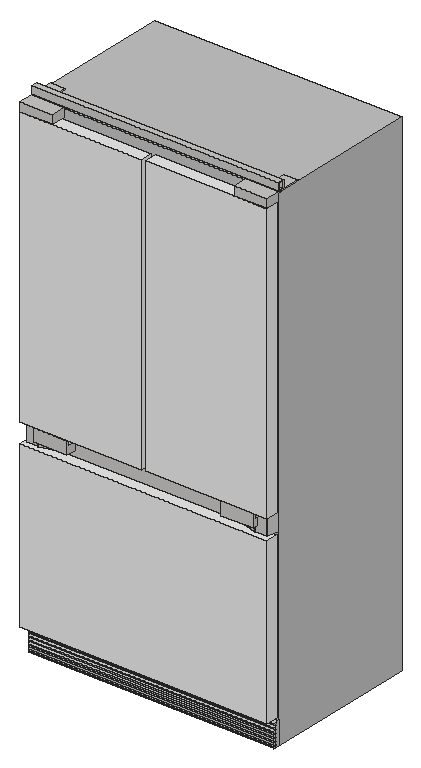
Revit family "FP_Revit_18_RS36A72J1_Fridge_90001165A", category Specialty Equipment, Revit 2018
Family settings
  Round Connector Dimension = Use Diameter
  Part Type = Normal
  OmniClass Number = 23.40.40.11.11.17
  OmniClass Title = Refrigerator-Freezer
  Work Plane-Based = No
  Always vertical = Yes
  Cut with Voids When Loaded = Yes
  Shared = No
  Room Calculation Point = No
Parameters
  Visibility - Visibility Control Note = yes
  Visibility - Clearance Required = yes
  URL = "www.fisherpaykel.com"
  Stainless Steel Door Panels (RD3672A) = no
  Product - Width = 906 mm  # constant formula
  Product - Height = 1825 mm  # constant formula
  Product - Depth = 604 mm  # constant formula
  Model = "RS36A72J1"
  Material - Trim = Fisher & Paykel - Stainless Steel
  Material - Rollers and Feet = Fisher & Paykel - Black
  Material - Door Structure = Fisher & Paykel - White
  Material - Door Front = Fisher & Paykel - Stainless Steel
  Material - Connections = Fisher & Paykel - Black
  Material - Body = Fisher & Paykel - Grey
  Manufacturer = "Fisher & Paykel Appliances"
  Handle Style - Professional Square (AHV2RS36A) = no
  Handle Style - Professional Round (AHCRS36A) = no
  Handle Style - Contemporary Square Fine Black (AHD5RD36AB) = no
  Handle Style - Contemporary Square Fine (AHD5RD36A) = no
  Handle Style - Contemporary Square (AHD3RS36A) = no
  Handle Style - Contemporary Round (25374 AHS-ASBI-A) = no
  Description = "36\" Integrated French Door Refrigerator Freezer"
  Connector Description - Electrical = "120 V, 10 A, fused electrical supply"
  Chassis - Width = 890 mm  # constant formula
  Chassis - Height = 1788 mm  # constant formula
  Chassis - Depth = 604 mm  # constant formula
  Cavity - Width = 914 mm  # constant formula
  Cavity - Height = 1829 mm  # constant formula
  Cavity - Depth = 650 mm  # constant formula
Reference planes
  plane 1 "Datum": y = 0
  plane 2: z = 0
  plane 3 "Center (Left/Right)": x = 0
  plane 4 "Product LHS": x = -453
  plane 5 "Product RHS": x = 453
  plane 6 "Product - Depth": y = 604
  plane 7 "Cavity LHS": x = -457
  plane 8 "Cavity RHS": x = 457
  plane 9 "Cavity - Depth": y = 631.957
  plane 10 "Product Height": z = 1825
  plane 11 "Cavity Height": z = 1829
  plane 12 "Door Panel 18mm": y = -18.043
Forms (mm)
  Extrusion 1, solid, material "Fisher & Paykel - Grey" <- "Material - Body"
    sketch origin (0, 0, 0) x (0, 1, 0) y (0, 0, 1)
      loop
        line (50.89, 6.6) -> (604, 6.6) -> (604, 1794.6) -> (50.89, 1794.6) -> (50.89, 6.6)
    from -445 to 445
  Extrusion 2, solid, material "Fisher & Paykel - Clearance Required", visible <- "Visibility - Clearance Required", detail levels coarse
    sketch origin (0, -18, 0) x (0, 1, 0) y (0, 0, 1)
      loop
        line (-0.043, 695.956) -> (-359.921, 695.956) -> (-359.921, 631.801) -> (-401.921, 631.801) -> (-401.921, 615.801) -> (-359.921, 615.801) -> (-359.921, 100.03) -> (-0.043, 100.03) -> (-0.043, 695.956)
    from -453 to 453
  Extrusion 3, solid, material "Fisher & Paykel - White" <- "Material - Door Structure"
    sketch origin (0, 0, 0) x (1, 0, 0) y (0, 0, 1)
      loop
        line (-7.74, 1764.6) -> (-445, 1764.6) -> (-445, 763.6) -> (-7.74, 763.6) -> (-7.74, 1764.6)
      loop
        line (7.74, 1764.6) -> (7.74, 763.6) -> (445, 763.6) -> (445, 1764.6) -> (7.74, 1764.6)
      loop
        line (-445, 693.1) -> (-445, 101.1) -> (445, 101.1) -> (445, 693.1) -> (-445, 693.1)
    from -42.6 to 0
  Extrusion 4, solid, material "Fisher & Paykel - White" <- "Material - Door Structure"
    sketch origin (0, 0, 0) x (1, 0, 0) y (0, 0, 1)
      loop
        line (-434.6, 685.2) -> (-434.6, 109) -> (434.6, 109) -> (434.6, 685.2) -> (-434.6, 685.2)
      loop
        line (-13.88, 776) -> (-13.88, 1749.7) -> (-434.58, 1749.7) -> (-434.58, 776) -> (-13.88, 776)
      loop
        line (13.88, 776) -> (434.58, 776) -> (434.58, 1749.7) -> (13.88, 1749.7) -> (13.88, 776)
    from -50.9 to -42.6
  Extrusion 5, solid, material "Fisher & Paykel - Stainless Steel" <- "Material - Trim"
    sketch origin (0, -2, 0) x (1, 0, 0) y (0, 1, 0)
      loop
        line (-441.5, 52.89) -> (-434.782, 18.328)
        arc (-434.782, 18.328) -> (-433.745, 16.585) -> (-431.837, 15.9) r 3
        line (-431.837, 15.9) -> (-393.733, 15.9)
        arc (-393.733, 15.9) -> (-391.738, 16.034) -> (-389.779, 16.431) r 15
        line (-389.779, 16.431) -> (-320.032, 35.491) -> (320.032, 35.491) -> (389.779, 16.431)
        arc (389.779, 16.431) -> (391.738, 16.034) -> (393.733, 15.9) r 15
        line (393.733, 15.9) -> (431.837, 15.9)
        arc (431.837, 15.9) -> (433.745, 16.585) -> (434.782, 18.328) r 3
        line (434.782, 18.328) -> (441.5, 52.89) -> (-441.5, 52.89)
    from 696.967 to 759.03
  Extrusion 6, solid, material "Fisher & Paykel - Stainless Steel" <- "Material - Trim"
    sketch origin (0, -2, 0) x (0, 1, 0) y (0, 0, 1)
      loop
        line (2, 762.6) -> (2, 715.3) -> (52.89, 715.3) -> (52.89, 743.6) -> (7, 743.6) -> (7, 762.6) -> (2, 762.6)
    from 276.67 to 395
  Extrusion 7, solid, material "Fisher & Paykel - Stainless Steel" <- "Material - Trim"
    sketch origin (0, -2, 0) x (0, 1, 0) y (0, 0, -1)
      loop
        line (2, -762.6) -> (7, -762.6) -> (7, -743.6) -> (52.89, -743.6) -> (52.89, -715.3) -> (2, -715.3) -> (2, -762.6)
    from 276.67 to 395
  Extrusion 8, solid, material "Fisher & Paykel - Stainless Steel" <- "Material - Trim"
    sketch origin (0, 0, 0) x (1, 0, 0) y (0, 1, 0)
      loop
        line (-327.17, 0) -> (-327.17, 50.89) -> (-445, 50.89) -> (-445, 0) -> (-327.17, 0)
      loop
        line (445, 0) -> (445, 50.89) -> (327.17, 50.89) -> (327.17, 0) -> (445, 0)
    from 1765.6 to 1797.6
  Extrusion 9, solid, material "Fisher & Paykel - Stainless Steel" <- "Material - Trim", detail levels fine
    sketch origin (0, 0, 0) x (1, 0, 0) y (0, 1, 0)
      loop
        line (-445, 136.61) -> (-445, 55.11) -> (-311.45, 55.11) -> (-311.45, 70.11) -> (-394, 70.11) -> (-394, 136.61) -> (-445, 136.61)
      loop
        line (445, 136.61) -> (394.85, 136.61) -> (394.85, 70.11) -> (311.45, 70.11) -> (311.45, 55.11) -> (445, 55.11) -> (445, 136.61)
    from 1794.6 to 1797.6
  Extrusion 10, solid, material "Fisher & Paykel - Stainless Steel" <- "Material - Trim"
    sketch origin (0, -2, 0) x (0, 1, 0) y (0, 0, 1)
      loop
        line (55.1, 1825) -> (55.1, 1797.6) -> (75.11, 1797.6) -> (75.11, 1825) -> (55.1, 1825)
      loop
        line (56.1, 1824) -> (56.1, 1798.675) -> (74.1, 1798.675) -> (74.1, 1824) -> (56.1, 1824)
    from -445 to 445
  Extrusion 11, solid, material "Fisher & Paykel - Stainless Steel" <- "Material - Trim", detail levels fine
    sketch origin (0, -20, 0) x (0, 1, 0) y (0, 0, 1)
      loop
        line (24.91, 101.1) -> (24.91, 94.1) -> (50.15, 94.1) -> (50.15, 101.1) -> (24.91, 101.1)
    from -20.67 to 20.7
  Extrusion 12, solid, material "Fisher & Paykel - Stainless Steel" <- "Material - Trim", detail levels fine
    sketch origin (0, -20, 0) x (0, 1, 0) y (0, 0, 1)
      loop
        line (70.89, 90.613) -> (53.491, 85.951) -> (53.491, 81.639) -> (61.43, 81.639) -> (61.43, 75.465) -> (53.491, 73.338) -> (53.491, 69.031) -> (61.43, 69.031) -> (61.43, 62.857) -> (53.491, 60.73) -> (53.491, 56.423) -> (61.43, 56.423) -> (61.43, 50.254) -> (53.491, 48.127) -> (53.491, 43.821) -> (61.43, 43.821) -> (61.43, 37.652) -> (53.491, 35.525) -> (53.491, 31.218) -> (61.43, 31.218) -> (61.43, 25.049) -> (53.491, 22.922) -> (53.491, 18.585) -> (61.43, 18.585) -> (61.43, 12.447) -> (53.491, 10.32) -> (53.491, 6.6) -> (70.89, 6.6) -> (70.89, 90.613)
    from -445 to 445
  Extrusion 13, solid, material "Fisher & Paykel - Stainless Steel" <- "Material - Trim", detail levels coarse+medium
    sketch origin (0, -20, 0) x (0, 1, 0) y (0, 0, 1)
      loop
        line (70.89, 90.613) -> (53.491, 85.951) -> (53.491, 6.6) -> (70.89, 6.6) -> (70.89, 90.613)
    from -445 to 445
  Extrusion 14, void
    sketch origin (0, -2000, 0) x (1, 0, 0) y (0, 1, 0)
      loop
        line (-386.5, 2604) -> (-386.5, 2050.89) -> (386.5, 2050.89) -> (386.5, 2604) -> (-386.5, 2604)
    from 6.6 to 56.423
  Extrusion 15, solid, material "Fisher & Paykel - Stainless Steel" <- "Material - Door Front", visible <- "Stainless Steel Door Panels (RD3672A)"
    sketch origin (0, 0, 0) x (1, 0, 0) y (0, 0, 1)
      loop
        line (-453, 696.43) -> (-453, 100.03) -> (453, 100.03) -> (453, 696.43) -> (-453, 696.43)
      loop
        line (-453, 700.43) -> (-2, 700.43) -> (-2, 1822.4) -> (-453, 1822.4) -> (-453, 700.43)
      loop
        line (2, 1822.4) -> (2, 700.43) -> (453, 700.43) -> (453, 1822.4) -> (2, 1822.4)
    from 0 to 18
  Extrusion 16, void
    sketch origin (0, -20, 0) x (1, 0, 0) y (0, 1, 0)
      loop
        arc (445, 57.948) -> (443.695, 54.796) -> (440.543, 53.491) r 4.457
        line (440.543, 53.491) -> (445, 53.491) -> (445, 57.948)
      loop
        line (-445, 57.948) -> (-445, 53.491) -> (-440.543, 53.491)
        arc (-440.543, 53.491) -> (-443.695, 54.796) -> (-445, 57.948) r 4.457
    from 6.6 to 100.03
  Extrusion 17, solid, material "Fisher & Paykel - Clearance Required", visible <- "Visibility - Clearance Required", detail levels coarse
    sketch origin (0, 0, 0) x (1, 0, 0) y (0, 1, 0)
      loop
        line (-457, 631.957) -> (-457, -18.043) -> (457, -18.043) -> (457, 631.957) -> (-457, 631.957)
    from 0 to 1829
  Extrusion 18, solid, material "Fisher & Paykel - Clearance Required", visible <- "Visibility - Clearance Required", detail levels coarse
    sketch origin (0, -18, 0) x (1, 0, 0) y (0, 1, 0)
      loop
        line (-453, -0.043) -> (-610.872, -338.602) -> (-647.125, -321.697) -> (-653.73, -335.861) -> (-617.477, -352.766) -> (-643.601, -408.788)
        arc (-643.601, -408.788) -> (-210.678, -380.413) -> (-2, -0.043) r 451
        line (-2, -0.043) -> (-453, -0.043)
      loop
        line (453, -0.043) -> (2, -0.043)
        arc (2, -0.043) -> (210.678, -380.413) -> (643.601, -408.788) r 451
        line (643.601, -408.788) -> (617.477, -352.766) -> (653.73, -335.861) -> (647.125, -321.697) -> (610.872, -338.602) -> (453, -0.043)
    from 700.43 to 1825
  Extrusion 19, void
    sketch origin (0, 0, 0) x (1, 0, 0) y (0, 0, 1)
      loop
        line (275, 69.031) -> (275, 200) -> (0, 200) -> (0, 69.031) -> (275, 69.031)
      loop
        circle (225, 135) r 3
      loop
        circle (50, 135) r 3
    from -604 to -600
  Extrusion 20, void
    sketch origin (0, 0, 0) x (1, 0, 0) y (0, 1, 0)
      loop
        line (-457, 631.957) -> (-457, -18.043) -> (457, -18.043) -> (457, 631.957) -> (-457, 631.957)
    from 0 to 1829
Cuts and joins
  Extrusion 14, Extrusion 19 cuts Extrusion 1
  Extrusion 16 cuts Extrusion 12
  Extrusion 16 cuts Extrusion 13
  joined: Extrusion 5, Extrusion 6, Extrusion 7
Lines and regions (mm)
  model lines, style "Fisher & Paykel"
    curve 1: line (-453, 0, 1822.4) -> (-2, 0, 1822.4)
    curve 2: line (-453, 0, 700.43) -> (-453, 0, 1822.4)
    curve 3: line (-2, 0, 700.43) -> (-453, 0, 700.43)
    curve 4: line (-2, 0, 1822.4) -> (-2, 0, 700.43)
    curve 5: line (2, 0, 700.43) -> (453, 0, 700.43)
    curve 6: line (2, 0, 1822.4) -> (2, 0, 700.43)
    curve 7: line (453, 0, 1822.4) -> (2, 0, 1822.4)
    curve 8: line (453, 0, 700.43) -> (453, 0, 1822.4)
    curve 9: line (-453, 0, 696.43) -> (453, 0, 696.43)
    curve 10: line (-453, 0, 100.03) -> (-453, 0, 696.43)
    curve 11: line (453, 0, 100.03) -> (-453, 0, 100.03)
    curve 12: line (453, 0, 696.43) -> (453, 0, 100.03)
Text (mm)
  text "Due to ongoing product development, product details are subject to change without notice. \nPlease always refer to www.fisherpaykel.com for the most current product information. \n© Fisher & Paykel 2020" at (41.04, -527.568, 0), in view "Ref. Level (Plan)"
Dimensions and locks
  equal spacing: plane 4 "Product LHS", plane 3 "Center (Left/Right)", plane 5 "Product RHS"
  "Product - Width": plane 4 "Product LHS" to plane 5 "Product RHS"
  equal spacing: plane 7 "Cavity LHS", plane 3 "Center (Left/Right)", plane 8 "Cavity RHS"
  "Cavity - Width": plane 7 "Cavity LHS" to plane 8 "Cavity RHS"
  "Product - Height": level to plane 10 "Product Height"
  "Cavity - Height": plane 11 "Cavity Height" to level
  "Chassis - Height": Extrusion 1 to Extrusion 1
  Extrusion 11 to Extrusion 13 = 94.5 mm
  equal spacing: cut or joined group of Extrusion 1, Extrusion 14, Extrusion 19, plane 3 "Center (Left/Right)", cut or joined group of Extrusion 1, Extrusion 14, Extrusion 19  (x2)
  "Chassis - Width": cut or joined group of Extrusion 1, Extrusion 14, Extrusion 19 to cut or joined group of Extrusion 1, Extrusion 14, Extrusion 19
  "Product - Depth": plane 6 "Product - Depth" to plane 1 "Datum"
  "Cavity - Depth": plane 9 "Cavity - Depth" to plane 12 "Door Panel 18mm"
  plane 12 "Door Panel 18mm" to plane 1 "Datum" = 18.043 mm
  aligned and locked: level to plane 2
  aligned and locked: cut or joined group of Extrusion 1, Extrusion 14, Extrusion 19 to Extrusion 12
  aligned and locked: cut or joined group of Extrusion 1, Extrusion 14, Extrusion 19 to Extrusion 13
  aligned and locked: Extrusion 13 to cut or joined group of Extrusion 1, Extrusion 14, Extrusion 19
  aligned and locked: Extrusion 12 to cut or joined group of Extrusion 1, Extrusion 14, Extrusion 19
  aligned and locked: Extrusion 10 to Extrusion 8
  aligned and locked: Extrusion 9 sketch curve to cut or joined group of Extrusion 1, Extrusion 14, Extrusion 19
  aligned and locked: Extrusion 3 sketch curve to cut or joined group of Extrusion 1, Extrusion 14, Extrusion 19  (x2)
  aligned and locked: Extrusion 3 sketch curve to Extrusion 3 sketch curve
  aligned and locked: cut or joined group of Extrusion 1, Extrusion 14, Extrusion 19 to Extrusion 3 sketch curve
  aligned and locked: Extrusion 16 sketch curve to cut or joined group of Extrusion 12, Extrusion 16
  aligned and locked: Extrusion 8 to Extrusion 16 sketch curve
  aligned and locked: Extrusion 16 sketch curve to Extrusion 8
  aligned and locked: Extrusion 1 to Extrusion 19
  aligned and locked: Extrusion 20 to plane 9 "Cavity - Depth"
  aligned and locked: Extrusion 17 to plane 9 "Cavity - Depth"
  aligned and locked: plane 6 "Product - Depth" to Extrusion 1
  aligned and locked: plane 6 "Product - Depth" to Extrusion 14
Automatic sketch dimensions
  Extrusion 1 sketch curve to plane 9 "Cavity - Depth" = 27.957 mm
  level to Extrusion 1 sketch curve = 6.6 mm
  plane 10 "Product Height" to Extrusion 1 sketch curve = 30.4 mm
  plane 1 "Datum" to Extrusion 2 sketch curve = 419.921 mm
  Extrusion 2 sketch curve to Extrusion 2 sketch curve = 42 mm
  level to Extrusion 2 sketch curve = 100.03 mm
  plane 1 "Datum" to Extrusion 2 sketch curve = 377.921 mm
  plane 1 "Datum" to Extrusion 2 sketch curve = 18.043 mm
  Extrusion 2 sketch curve to Extrusion 2 sketch curve = 515.771 mm
  Extrusion 2 sketch curve to Extrusion 2 sketch curve = 16 mm
  Extrusion 2 sketch curve to Extrusion 2 sketch curve = 64.155 mm
  Extrusion 3 sketch curve to plane 3 "Center (Left/Right)" = 7.74 mm
  plane 3 "Center (Left/Right)" to Extrusion 3 sketch curve = 7.74 mm
  level to Extrusion 3 sketch curve = 101.1 mm
  Extrusion 3 sketch curve to Extrusion 3 sketch curve = 592 mm
  Extrusion 3 sketch curve to Extrusion 3 sketch curve = 70.5 mm
  Extrusion 3 sketch curve to Extrusion 3 sketch curve = 0 mm
  plane 10 "Product Height" to Extrusion 3 sketch curve = 60.4 mm  (x2)
  Extrusion 4 sketch curve to plane 4 "Product LHS" = 18.4 mm
  Extrusion 4 sketch curve to plane 4 "Product LHS" = 18.42 mm
  Extrusion 4 sketch curve to plane 3 "Center (Left/Right)" = 13.88 mm
  plane 3 "Center (Left/Right)" to Extrusion 4 sketch curve = 13.88 mm
  plane 5 "Product RHS" to Extrusion 4 sketch curve = 18.42 mm
  plane 5 "Product RHS" to Extrusion 4 sketch curve = 18.4 mm
  level to Extrusion 4 sketch curve = 109 mm
  Extrusion 4 sketch curve to Extrusion 4 sketch curve = 576.2 mm
  Extrusion 4 sketch curve to Extrusion 4 sketch curve = 90.8 mm
  Extrusion 4 sketch curve to Extrusion 4 sketch curve = 0 mm  (x2)
  plane 10 "Product Height" to Extrusion 4 sketch curve = 75.3 mm
  Extrusion 5 sketch curve to plane 4 "Product LHS" = 11.5 mm
  Extrusion 5 sketch curve to plane 4 "Product LHS" = 18.218 mm
  Extrusion 5 sketch curve to Extrusion 5 sketch curve = 2.945 mm  (x2)
  Extrusion 5 sketch curve to Extrusion 5 sketch curve = 38.104 mm
  Extrusion 5 sketch curve to Extrusion 5 sketch curve = 3.954 mm  (x2)
  Extrusion 5 sketch curve to Extrusion 5 sketch curve = 69.747 mm
  plane 5 "Product RHS" to Extrusion 5 sketch curve = 132.968 mm
  plane 5 "Product RHS" to Extrusion 5 sketch curve = 63.221 mm
  plane 5 "Product RHS" to Extrusion 5 sketch curve = 21.163 mm
  plane 5 "Product RHS" to Extrusion 5 sketch curve = 11.5 mm
  Extrusion 5 sketch curve to plane 1 "Datum" = 13.9 mm  (x2)
  Extrusion 5 sketch curve to Extrusion 5 sketch curve = 2.428 mm  (x2)
  Extrusion 5 sketch curve to Extrusion 5 sketch curve = 34.562 mm
  Extrusion 6 sketch curve to Extrusion 6 sketch curve = 5 mm
  Extrusion 6 sketch curve to Extrusion 6 sketch curve = 50.89 mm
  level to Extrusion 6 sketch curve = 715.3 mm
  Extrusion 6 sketch curve to Extrusion 6 sketch curve = 28.3 mm
  Extrusion 6 sketch curve to Extrusion 6 sketch curve = 19 mm
  Extrusion 7 sketch curve to Extrusion 7 sketch curve = 5 mm
  Extrusion 7 sketch curve to Extrusion 7 sketch curve = 50.89 mm
  level to Extrusion 7 sketch curve = 762.6 mm
  Extrusion 7 sketch curve to Extrusion 7 sketch curve = 19 mm
  Extrusion 7 sketch curve to Extrusion 7 sketch curve = 28.3 mm
  Extrusion 8 sketch curve to plane 4 "Product LHS" = 8 mm
  Extrusion 8 sketch curve to Extrusion 8 sketch curve = 117.83 mm
  plane 5 "Product RHS" to Extrusion 8 sketch curve = 125.83 mm
  plane 5 "Product RHS" to Extrusion 8 sketch curve = 8 mm
  Extrusion 9 sketch curve to Extrusion 9 sketch curve = 51 mm
  Extrusion 9 sketch curve to Extrusion 9 sketch curve = 82.55 mm
  plane 5 "Product RHS" to Extrusion 9 sketch curve = 141.55 mm
  plane 5 "Product RHS" to Extrusion 9 sketch curve = 58.15 mm
  plane 5 "Product RHS" to Extrusion 9 sketch curve = 8 mm
  Extrusion 9 sketch curve to Extrusion 9 sketch curve = 15 mm  (x2)
  Extrusion 9 sketch curve to Extrusion 9 sketch curve = 66.5 mm  (x2)
  plane 10 "Product Height" to Extrusion 10 sketch curve = 0 mm
  Extrusion 10 sketch curve to Extrusion 10 sketch curve = 1 mm
  plane 10 "Product Height" to Extrusion 10 sketch curve = 1 mm
  Extrusion 10 sketch curve to Extrusion 10 sketch curve = 18 mm
  Extrusion 10 sketch curve to Extrusion 10 sketch curve = 1.01 mm
  Extrusion 10 sketch curve to Extrusion 10 sketch curve = 25.325 mm
  Extrusion 10 sketch curve to Extrusion 10 sketch curve = 1.075 mm
  Extrusion 11 sketch curve to Extrusion 11 sketch curve = 25.24 mm
  level to Extrusion 11 sketch curve = 94.1 mm
  Extrusion 11 sketch curve to Extrusion 11 sketch curve = 7 mm
  level to Extrusion 12 sketch curve = 6.6 mm
  Extrusion 12 sketch curve to Extrusion 12 sketch curve = 0 mm  (x8)
  Extrusion 12 sketch curve to Extrusion 12 sketch curve = 7.939 mm  (x3)
  Extrusion 12 sketch curve to Extrusion 12 sketch curve = 9.46 mm
  Extrusion 12 sketch curve to Extrusion 12 sketch curve = 3.72 mm
  Extrusion 12 sketch curve to Extrusion 12 sketch curve = 2.127 mm
  Extrusion 12 sketch curve to Extrusion 12 sketch curve = 8.266 mm
  Extrusion 12 sketch curve to Extrusion 12 sketch curve = 4.337 mm
  Extrusion 12 sketch curve to Extrusion 12 sketch curve = 6.464 mm
  Extrusion 12 sketch curve to Extrusion 12 sketch curve = 6.169 mm  (x3)
  Extrusion 12 sketch curve to Extrusion 12 sketch curve = 4.306 mm  (x4)
  Extrusion 12 sketch curve to Extrusion 12 sketch curve = 6.433 mm  (x4)
  Extrusion 12 sketch curve to Extrusion 12 sketch curve = 6.175 mm  (x2)
  Extrusion 12 sketch curve to Extrusion 12 sketch curve = 4.312 mm
  Extrusion 12 sketch curve to Extrusion 12 sketch curve = 8.974 mm
  level to Extrusion 13 sketch curve = 6.6 mm
  Extrusion 13 sketch curve to Extrusion 13 sketch curve = 17.399 mm
  Extrusion 13 sketch curve to Extrusion 13 sketch curve = 79.351 mm
  Extrusion 13 sketch curve to Extrusion 13 sketch curve = 4.662 mm
  Extrusion 14 sketch curve to plane 9 "Cavity - Depth" = 27.957 mm
  Extrusion 14 sketch curve to plane 4 "Product LHS" = 66.5 mm
  plane 5 "Product RHS" to Extrusion 14 sketch curve = 66.5 mm
  plane 4 "Product LHS" to Extrusion 15 sketch curve = 0 mm  (x2)
  plane 5 "Product RHS" to Extrusion 15 sketch curve = 0 mm  (x2)
  Extrusion 15 sketch curve to plane 3 "Center (Left/Right)" = 2 mm
  plane 3 "Center (Left/Right)" to Extrusion 15 sketch curve = 2 mm
  level to Extrusion 15 sketch curve = 100.03 mm
  Extrusion 15 sketch curve to Extrusion 15 sketch curve = 596.4 mm
  Extrusion 15 sketch curve to Extrusion 15 sketch curve = 4 mm
  Extrusion 15 sketch curve to Extrusion 15 sketch curve = 0 mm
  plane 10 "Product Height" to Extrusion 15 sketch curve = 2.6 mm  (x2)
  Extrusion 16 sketch curve to Extrusion 16 sketch curve = 4.457 mm  (x2)
  Extrusion 17 sketch curve to plane 7 "Cavity LHS" = 0 mm
  Extrusion 17 sketch curve to plane 8 "Cavity RHS" = 0 mm
  plane 6 "Product - Depth" to Extrusion 17 sketch curve = 27.957 mm
  Extrusion 18 sketch curve to plane 4 "Product LHS" = 0 mm  (x2)
  Extrusion 18 sketch curve to plane 5 "Product RHS" = 0 mm  (x2)
  plane 7 "Cavity LHS" to Extrusion 18 sketch curve = 153.872 mm
  Extrusion 18 sketch curve to Extrusion 18 sketch curve = 6.605 mm  (x3)
  Extrusion 18 sketch curve to Extrusion 18 sketch curve = 26.124 mm
  Extrusion 18 sketch curve to Extrusion 18 sketch curve = 36.252 mm  (x2)
  plane 1 "Datum" to Extrusion 18 sketch curve = 18.043 mm  (x2)
  Extrusion 18 sketch curve to plane 3 "Center (Left/Right)" = 2 mm
  plane 3 "Center (Left/Right)" to Extrusion 18 sketch curve = 2 mm
  Extrusion 18 sketch curve to plane 8 "Cavity RHS" = 153.872 mm
  plane 1 "Datum" to Extrusion 18 sketch curve = 426.788 mm
  plane 1 "Datum" to Extrusion 18 sketch curve = 353.861 mm
  Extrusion 19 sketch curve to plane 3 "Center (Left/Right)" = 0 mm
  plane 3 "Center (Left/Right)" to Extrusion 19 sketch curve = 50 mm
  Extrusion 19 sketch curve to Extrusion 19 sketch curve = 175 mm
  Extrusion 19 sketch curve to Extrusion 19 sketch curve = 50 mm
  level to Extrusion 19 sketch curve = 69.031 mm
  Extrusion 19 sketch curve to Extrusion 19 sketch curve = 65.969 mm  (x2)
  Extrusion 19 sketch curve to Extrusion 19 sketch curve = 65 mm
  Extrusion 20 sketch curve to plane 7 "Cavity LHS" = 0 mm
  Extrusion 20 sketch curve to plane 8 "Cavity RHS" = 0 mm
  plane 6 "Product - Depth" to Extrusion 20 sketch curve = 27.957 mm
  Extrusion 1 sketch curve to plane 1 "Datum" = 50.89 mm
  Extrusion 5 sketch curve to Extrusion 5 sketch curve = 0.531 mm  (x2)
  Extrusion 5 sketch curve to plane 1 "Datum" = 33.491 mm
  Extrusion 6 sketch curve to plane 1 "Datum" = 0 mm
  Extrusion 7 sketch curve to plane 1 "Datum" = 0 mm
  plane 1 "Datum" to Extrusion 8 sketch curve = 0 mm  (x2)
  Extrusion 8 sketch curve to plane 1 "Datum" = 50.89 mm  (x2)
  Extrusion 9 sketch curve to plane 1 "Datum" = 55.11 mm  (x2)
  Extrusion 10 sketch curve to plane 1 "Datum" = 53.1 mm
  Extrusion 11 sketch curve to plane 1 "Datum" = 4.91 mm
  Extrusion 12 sketch curve to plane 1 "Datum" = 33.491 mm
  Extrusion 12 sketch curve to Extrusion 12 sketch curve = 17.399 mm
  Extrusion 13 sketch curve to plane 1 "Datum" = 33.491 mm
  Extrusion 14 sketch curve to plane 1 "Datum" = 50.89 mm
  Extrusion 16 sketch curve to plane 1 "Datum" = 33.491 mm
  plane 1 "Datum" to Extrusion 17 sketch curve = 18.043 mm
  plane 1 "Datum" to Extrusion 20 sketch curve = 18.043 mm
  plane 4 "Product LHS" to curve 1 = 0 mm
  plane 4 "Product LHS" to curve 10 = 0 mm
  plane 5 "Product RHS" to curve 9 = 0 mm
  plane 5 "Product RHS" to curve 7 = 0 mm
  curve 1 to plane 3 "Center (Left/Right)" = 2 mm
  plane 3 "Center (Left/Right)" to curve 7 = 2 mm
  level to curve 11 = 100.03 mm
  curve 10 to curve 10 = 596.4 mm
  curve 9 to curve 5 = 4 mm
  curve 9 to curve 2 = 4 mm
  plane 10 "Product Height" to curve 7 = 2.6 mm
  plane 10 "Product Height" to curve 2 = 2.6 mm
  radius of Extrusion 19 sketch curve = 3 mm  (x2)
Nested families
  nested 1: "F&P Handle Kit - Contemporary Square - Horizontal" at (0, -18, 623.802), visible <- "Handle Style - Contemporary Square (AHD3RS36A)", type "RS36A - Contemporary square handle (2 of 2) (Horizontal) 746mm"
  nested 2: "F&P Handle Kit - Contemporary Square - Vertical" at (67.3, -18, 1128.5), visible <- "Handle Style - Contemporary Square (AHD3RS36A)", type "RS36A - Contemporary square handle (1 of 2) (Vertical) 727mm"
  nested 3: "F&P Handle Kit - Contemporary Square - Vertical" at (-67.3, -18, 1128.5), visible <- "Handle Style - Contemporary Square (AHD3RS36A)", type "RS36A - Contemporary square handle (1 of 2) (Vertical) 727mm"
  nested 4: "Comment Marker 2D" at (0, 0, 0), visible <- "Visibility - Visibility Control Note", type "Active"
  nested 5: "F&P Handle Kit - Contemporary Round - Horizontal" at (0, -18.043, 623.78), visible <- "Handle Style - Contemporary Round (25374 AHS-ASBI-A)", type "25374 AHS-ASBI-A - Contemporary round handle (2 of 2) (Horizontal) 746mm"
  nested 6: "F&P Handle Kit - Contemporary Round - Vertical" at (-67.3, -18.043, 1128.5), visible <- "Handle Style - Contemporary Round (25374 AHS-ASBI-A)", type "25374 AHS-ASBI-A - Contemporary round handle (1 of 2) (Vertical) 727mm"
  nested 7: "F&P Handle Kit - Contemporary Square Fine - Horizontal" at (0, -18.043, 623.78), visible <- "Handle Style - Contemporary Square Fine (AHD5RD36A)", type "AHD5RD36A - Contemporary square fine handle (2 of 2) (Horizontal) 746mm"
  nested 8: "F&P Handle Kit - Contemporary Square Fine - Horizontal" at (0, -18.043, 623.78), visible <- "Handle Style - Contemporary Square Fine Black (AHD5RD36AB)", type "AHD5RD36AB - Contemporary square fine black handle (2 of 2) (Horizontal) 746mm"
  nested 9: "F&P Handle Kit - Contemporary Square Fine - Vertical" at (-67.3, -18.043, 1128.5), visible <- "Handle Style - Contemporary Square Fine (AHD5RD36A)", type "AHD5RD36A - Contemporary square fine handle (1 of 2) (Vertical) 727mm"
  nested 10: "F&P Handle Kit - Contemporary Square Fine - Vertical" at (-67.3, -18.043, 1128.5), visible <- "Handle Style - Contemporary Square Fine Black (AHD5RD36AB)", type "AHD5RD36AB - Contemporary square fine black handle (1 of 2) (Vertical) 727mm"
  nested 11: "F&P Handle Kit - Professional Round - Horizontal" at (0, -18.043, 623.78), visible <- "Handle Style - Professional Round (AHCRS36A)", type "AHCRS36A - Professional round handle (2 of 2) (Horizontal) 746mm"
  nested 12: "F&P Handle Kit - Professional Round - Vertical" at (-67.3, -18.043, 1128.5), visible <- "Handle Style - Professional Round (AHCRS36A)", type "AHCRS36A - Professional round handle (1 of 2) (Vertical) 661mm"
  nested 13: "F&P Handle Kit - Professional Square - Horizontal" at (0, -18.043, 623.78), visible <- "Handle Style - Professional Square (AHV2RS36A)", type "AHV2RS36A - Professional square handle (2 of 2) (Horizontal) 686mm"
  nested 14: "F&P Handle Kit - Professional Square - Vertical" at (-67.3, -18.043, 1128.5), visible <- "Handle Style - Professional Square (AHV2RS36A)", type "AHV2RS36A - Professional square handle (1 of 2) (Vertical) 727mm"
  nested 15: "F&P Handle Kit - Contemporary Round - Vertical" at (67.3, -18.043, 1128.5), visible <- "Handle Style - Contemporary Round (25374 AHS-ASBI-A)", type "25374 AHS-ASBI-A - Contemporary round handle (1 of 2) (Vertical) 727mm"
  nested 16: "F&P Handle Kit - Contemporary Square Fine - Vertical" at (67.3, -18.043, 1128.5), visible <- "Handle Style - Contemporary Square Fine (AHD5RD36A)", type "AHD5RD36A - Contemporary square fine handle (1 of 2) (Vertical) 727mm"
  nested 17: "F&P Handle Kit - Contemporary Square Fine - Vertical" at (67.3, -18.043, 1128.5), visible <- "Handle Style - Contemporary Square Fine Black (AHD5RD36AB)", type "AHD5RD36AB - Contemporary square fine black handle (1 of 2) (Vertical) 727mm"
  nested 18: "F&P Handle Kit - Professional Round - Vertical" at (67.3, -18.043, 1128.5), visible <- "Handle Style - Professional Round (AHCRS36A)", type "AHCRS36A - Professional round handle (1 of 2) (Vertical) 661mm"
  nested 19: "F&P Handle Kit - Professional Square - Vertical" at (67.3, -18.043, 1128.5), visible <- "Handle Style - Professional Square (AHV2RS36A)", type "AHV2RS36A - Professional square handle (1 of 2) (Vertical) 727mm"
Connectors
  electrical at (50, 600, 135), driven by "Connector Description - Electrical"
    settings: on cut or joined group of Extrusion 1, Extrusion 14, Extrusion 19, index 1, voltage 120 V, apparent load 0 VA, apparent load phase1 0 VA, apparent load phase2 0 VA, apparent load phase3 0 VA, power factor 1, load classification "Other", number of poles 1, system type 30, power factor state 1, is connector primary yes, connector utility no, sub classification motor no, connector description "120 V, 10 A, fused electrical supply"
Definition of nested family "F&P Handle Kit - Contemporary Square - Horizontal"
  Parameters (values of type "RS90A - Contemporary square handle (2 of 2) (Horizontal) 746mm")
    URL = "www.fisherpaykel.com"
    Material - Handle = none
    Manufacturer = "Fisher & Paykel Appliances"
    Handle - Length = 746 mm
  Types (9, lengths in mm): name | Handle - Length
    (no name) | 746
    AHD3RD2484W - Contemporary square handle (2 of 2) (Horizontal) 494mm | 494
    AHD3RD3084W - Contemporary square handle (2 of 2) (Horizontal) 646mm | 646
    AHD3RS3272A - Contemporary square handle (2 of 2) (Horizontal) 646mm | 646
    AHD3RS80A - Contemporary square handle (2 of 2) (Horizontal) 646mm | 646
    AHD3RD6121W - Contemporary square handle (2 of 2) (Horizontal) 494mm | 494
    AHD3RD7621W - Contemporary square handle (2 of 2) (Horizontal) 646mm | 646
    RS36A - Contemporary square handle (2 of 2) (Horizontal) 746mm | 746
    RS90A - Contemporary square handle (2 of 2) (Horizontal) 746mm | 746
  Reference planes
    plane 1 "Center (Front/Back)": y = 0
    plane 2: z = 0
    plane 3 "Center (Left/Right)": x = 0
    plane 4 "Product LHS": x = -373
    plane 5 "Product RHS": x = 373
    plane 6 "LHS Standoff": x = -252.995
    plane 7 "RHS Standoff": x = 253.005
  Forms (mm)
    Extrusion 1, solid, material <- "Material - Handle", detail levels fine
      sketch origin (0, 0, 0) x (0, 1, 0) y (0, 0, 1)
        loop
          arc (-28.701, 7.561) -> (-29.057, 7.868) -> (-29.514, 7.978) r 1
          line (-29.514, 7.978) -> (-40.5, 7.978)
          arc (-40.5, 7.978) -> (-41.561, 7.539) -> (-42, 6.478) r 1.5
          line (-42, 6.478) -> (-42, -6.522)
          arc (-42, -6.522) -> (-41.561, -7.583) -> (-40.5, -8.022) r 1.5
          line (-40.5, -8.022) -> (-29.487, -8.022)
          arc (-29.487, -8.022) -> (-29.029, -7.911) -> (-28.673, -7.602) r 1
          arc (-28.673, -7.602) -> (-26.256, -0.016) -> (-28.701, 7.561) r 13.038
      from -373 to 373
    Extrusion 2, solid, material <- "Material - Handle", detail levels fine
      sketch origin (0, 0, 0) x (0, 1, 0) y (0, 0, 1)
        loop
          arc (-28.23, 7.062) -> (-26.156, 0.008) -> (-28.198, -7.056) r 13.136
          arc (-28.198, -7.056) -> (-28.21, -7.463) -> (-27.86, -7.67) r 0.4
          line (-27.86, -7.67) -> (0, -7.67) -> (0, 7.678) -> (-27.893, 7.678)
          arc (-27.893, 7.678) -> (-28.244, 7.47) -> (-28.23, 7.062) r 0.4
      from 253.005 to 373
    Extrusion 3, solid, material <- "Material - Handle", detail levels fine
      sketch origin (0, 0, 0) x (0, 1, 0) y (0, 0, -1)
        loop
          arc (-28.23, -7.062) -> (-28.244, -7.47) -> (-27.893, -7.678) r 0.4
          line (-27.893, -7.678) -> (0, -7.678) -> (0, 7.67) -> (-27.86, 7.67)
          arc (-27.86, 7.67) -> (-28.21, 7.463) -> (-28.198, 7.056) r 0.4
          arc (-28.198, 7.056) -> (-26.156, -0.008) -> (-28.23, -7.062) r 13.136
      from 252.995 to 373
    Sweep 4, void
      path in 3D
        loop
          line (373, -29.514, 7.978) -> (373, -40.5, 7.978)
          arc (373, -40.5, 7.978) -> (373, -41.561, 7.539) -> (373, -42, 6.478) r 1.5
          line (373, -42, 6.478) -> (373, -42, -6.522)
          arc (373, -42, -6.522) -> (373, -41.561, -7.583) -> (373, -40.5, -8.022) r 1.5
          line (373, -40.5, -8.022) -> (373, -29.487, -8.022)
      profile origin (373, -35.007, 7.978) x (1, 0, 0) y (0, 0, 1)
        loop
          line (0, 0) -> (-1.3, 0) -> (0, -1.3) -> (0, 0)
    Sweep 5, void
      path in 3D
        loop
          line (-373, -29.487, -8.022) -> (-373, -40.5, -8.022)
          arc (-373, -40.5, -8.022) -> (-373, -41.561, -7.583) -> (-373, -42, -6.522) r 1.5
          line (-373, -42, -6.522) -> (-373, -42, 6.478)
          arc (-373, -42, 6.478) -> (-373, -41.561, 7.539) -> (-373, -40.5, 7.978) r 1.5
          line (-373, -40.5, 7.978) -> (-373, -29.514, 7.978)
      profile origin (-373, -35.007, 7.978) x (-1, 0, 0) y (0, 0, 1)
        loop
          line (0, 0) -> (-1.3, 0) -> (0, -1.3) -> (0, 0)
    Extrusion 6, void
      sketch origin (0, 0, 0) x (1, 0, 0) y (0, 0, 1)
        loop
          line (373, 7.978) -> (371.7, 7.978) -> (373, 6.678) -> (373, 7.978)
        loop
          line (373, -8.022) -> (373, -6.722) -> (371.7, -8.022) -> (373, -8.022)
      from 0 to 40
    Extrusion 7, void
      sketch origin (0, 0, 0) x (1, 0, 0) y (0, 0, 1)
        loop
          line (-373, 7.978) -> (-373, 6.678) -> (-371.7, 7.978) -> (-373, 7.978)
        loop
          line (-373, -8.022) -> (-371.7, -8.022) -> (-373, -6.722) -> (-373, -8.022)
      from 0 to 40
    Extrusion 8, solid, material <- "Material - Handle", detail levels coarse+medium
      sketch origin (0, 0, 0) x (1, 0, 0) y (0, 1, 0)
        loop
          line (-373, -42) -> (373, -42) -> (373, 0) -> (253.005, 0) -> (253.005, -26.156) -> (-252.995, -26.156) -> (-252.995, 0) -> (-373, 0) -> (-373, -42)
      from -8.022 to 7.978
  Cuts and joins
    Sweep 4, Sweep 5, Extrusion 6, Extrusion 7 cuts Extrusion 1
    Extrusion 6 cuts Extrusion 2
    Extrusion 7 cuts Extrusion 3
  Lines and regions (mm)
    sketch lines
      curve 1: line (373, -29.514, 7.978) -> (373, -40.5, 7.978)
      curve 2: arc (373, -42, 6.478) -> (373, -41.561, 7.539) -> (373, -40.5, 7.978) r 1.5
      curve 3: line (373, -42, 6.478) -> (373, -42, -6.522)
      curve 4: arc (373, -40.5, -8.022) -> (373, -41.561, -7.583) -> (373, -42, -6.522) r 1.5
      curve 5: line (373, -40.5, -8.022) -> (373, -29.487, -8.022)
      curve 6: line (-373, -40.5, 7.978) -> (-373, -29.514, 7.978)
      curve 7: arc (-373, -40.5, 7.978) -> (-373, -41.561, 7.539) -> (-373, -42, 6.478) r 1.5
      curve 8: line (-373, -42, -6.522) -> (-373, -42, 6.478)
      curve 9: arc (-373, -42, -6.522) -> (-373, -41.561, -7.583) -> (-373, -40.5, -8.022) r 1.5
      curve 10: line (-373, -29.487, -8.022) -> (-373, -40.5, -8.022)
  Dimensions and locks
    equal spacing: plane 4 "Product LHS", plane 3 "Center (Left/Right)", plane 5 "Product RHS"
    "Handle - Length": plane 4 "Product LHS" to plane 5 "Product RHS"
    locked: plane 4 "Product LHS" to plane 6 "LHS Standoff" at 120.005
    locked: plane 7 "RHS Standoff" to plane 5 "Product RHS" at 119.995
    aligned and locked: level to plane 2
    aligned and locked: Extrusion 1 to plane 5 "Product RHS"
    aligned and locked: plane 4 "Product LHS" to Extrusion 1
    aligned and locked: Extrusion 2 to plane 5 "Product RHS"
    aligned and locked: plane 4 "Product LHS" to Extrusion 3
    aligned and locked: plane 4 "Product LHS" to Extrusion 8 sketch curve
    aligned and locked: Extrusion 8 sketch curve to plane 5 "Product RHS"
    aligned and locked: Extrusion 8 sketch curve to plane 7 "RHS Standoff"
    aligned and locked: plane 6 "LHS Standoff" to Extrusion 8 sketch curve
    aligned and locked: Extrusion 2 to plane 7 "RHS Standoff"
    aligned and locked: plane 6 "LHS Standoff" to Extrusion 3
  Automatic sketch dimensions
    Extrusion 1 sketch curve to level = 6.522 mm
    plane 1 "Center (Front/Back)" to Extrusion 1 sketch curve = 42 mm
    Extrusion 1 sketch curve to Extrusion 1 sketch curve = 1.5 mm  (x2)
    Extrusion 1 sketch curve to level = 0.04 mm
    Extrusion 1 sketch curve to Extrusion 1 sketch curve = 1.206 mm
    level to Extrusion 1 sketch curve = 6.978 mm
    Extrusion 1 sketch curve to Extrusion 1 sketch curve = 10.986 mm
    Extrusion 1 sketch curve to Extrusion 1 sketch curve = 11.013 mm
    Extrusion 1 sketch curve to Extrusion 1 sketch curve = 1 mm
    level to Extrusion 1 sketch curve = 6.478 mm
    Extrusion 1 sketch curve to Extrusion 1 sketch curve = 0 mm
    Extrusion 2 sketch curve to plane 1 "Center (Front/Back)" = 0 mm
    Extrusion 2 sketch curve to level = 7.67 mm
    Extrusion 2 sketch curve to Extrusion 2 sketch curve = 27.86 mm
    level to Extrusion 2 sketch curve = 7.678 mm
    Extrusion 2 sketch curve to Extrusion 2 sketch curve = 0.033 mm
    Extrusion 2 sketch curve to level = 0.022 mm
    Extrusion 2 sketch curve to Extrusion 2 sketch curve = 11.398 mm
    Extrusion 2 sketch curve to Extrusion 2 sketch curve = 0.4 mm  (x2)
    Extrusion 2 sketch curve to Extrusion 2 sketch curve = 0 mm
    Extrusion 3 sketch curve to plane 1 "Center (Front/Back)" = 0 mm
    Extrusion 3 sketch curve to level = 7.67 mm
    Extrusion 3 sketch curve to Extrusion 3 sketch curve = 27.86 mm
    level to Extrusion 3 sketch curve = 7.678 mm
    Extrusion 3 sketch curve to Extrusion 3 sketch curve = 0.033 mm
    Extrusion 3 sketch curve to level = 0.022 mm
    Extrusion 3 sketch curve to Extrusion 3 sketch curve = 11.398 mm
    Extrusion 3 sketch curve to Extrusion 3 sketch curve = 0.4 mm  (x2)
    Extrusion 3 sketch curve to Extrusion 3 sketch curve = 0 mm
    profile plane to Sweep 4 sketch curve = 0 mm
    Sweep 4 sketch curve to profile plane = 0 mm
    Sweep 4 sketch curve to profile plane = 1.3 mm
    profile plane to Sweep 4 sketch curve = 1.3 mm
    Sweep 5 sketch curve to profile plane = 0 mm  (x2)
    profile plane to Sweep 5 sketch curve = 1.3 mm
    Sweep 5 sketch curve to profile plane = 1.3 mm
    plane 5 "Product RHS" to Extrusion 6 sketch curve = 0 mm  (x2)
    Extrusion 6 sketch curve to Extrusion 6 sketch curve = 1.3 mm  (x4)
    Extrusion 6 sketch curve to level = 6.722 mm
    level to Extrusion 6 sketch curve = 6.678 mm
    plane 4 "Product LHS" to Extrusion 7 sketch curve = 0 mm  (x2)
    Extrusion 7 sketch curve to plane 4 "Product LHS" = 1.3 mm  (x2)
    Extrusion 7 sketch curve to level = 8.022 mm
    level to Extrusion 7 sketch curve = 6.678 mm
    Extrusion 7 sketch curve to Extrusion 7 sketch curve = 1.3 mm  (x2)
    plane 1 "Center (Front/Back)" to Extrusion 8 sketch curve = 0 mm  (x2)
    Extrusion 8 sketch curve to Extrusion 8 sketch curve = 26.156 mm
    Extrusion 8 sketch curve to Extrusion 8 sketch curve = 42 mm
Definition of nested family "F&P Handle Kit - Contemporary Square - Vertical"
  Parameters (values of type "RS90A - Contemporary square handle (1 of 2) (Vertical) 727mm")
    URL = "www.fisherpaykel.com"
    Material - Handle = none
    Manufacturer = "Fisher & Paykel Appliances"
    Handle - Length = 727 mm
  Types (11, lengths in mm): name | Handle - Length
    (no name) | 727
    AHD3-RD21 - Contemporary square handle (Vertical) 852mm | 852
    AHD3RD2484W - Contemporary square handle (1 of 2) (Vertical) 727mm | 727
    AHD3RD3084W - Contemporary square handle (1 of 2) (Vertical) 727mm | 727
    AHD3-RD84 - Contemporary square handle (Vertical) 852mm | 852
    AHD3RS3272A - Contemporary square handle (1 of 2) (Vertical) 727mm | 727
    AHD3RS80A - Contemporary square handle (1 of 2) (Vertical) 727mm | 727
    AHD3RD6121W - Contemporary square handle (1 of 2) (Vertical) 727mm | 727
    AHD3RD7621W - Contemporary square handle (1 of 2) (Vertical) 727mm | 727
    RS36A - Contemporary square handle (1 of 2) (Vertical) 727mm | 727
    RS90A - Contemporary square handle (1 of 2) (Vertical) 727mm | 727
  Reference planes
    plane 1 "Center (Front/Back)": y = 0
    plane 2: z = 0
    plane 3 "Center (Left/Right)": x = 0
    plane 4 "Top": z = 363.5
    plane 5 "Bottom": z = -363.5
    plane 6 "Top Standoff": z = 243.5
    plane 7 "Bottom Standoff": z = -243.5
  Forms (mm)
    Extrusion 1, solid, material <- "Material - Handle", detail levels fine
      sketch origin (0, 0, 0) x (1, 0, 0) y (0, 1, 0)
        loop
          arc (-7.583, -28.701) -> (-7.89, -29.057) -> (-8, -29.514) r 1
          line (-8, -29.514) -> (-8, -40.5)
          arc (-8, -40.5) -> (-7.561, -41.561) -> (-6.5, -42) r 1.5
          line (-6.5, -42) -> (6.5, -42)
          arc (6.5, -42) -> (7.561, -41.561) -> (8, -40.5) r 1.5
          line (8, -40.5) -> (8, -29.487)
          arc (8, -29.487) -> (7.889, -29.029) -> (7.58, -28.673) r 1
          arc (7.58, -28.673) -> (-0.006, -26.256) -> (-7.583, -28.701) r 13.038
      from -363.5 to 363.5
    Extrusion 2, solid, material <- "Material - Handle", detail levels fine
      sketch origin (0, 0, 0) x (1, 0, 0) y (0, 1, 0)
        loop
          arc (7.058, -28.23) -> (7.466, -28.244) -> (7.674, -27.893) r 0.4
          line (7.674, -27.893) -> (7.674, 0) -> (-7.674, 0) -> (-7.674, -27.86)
          arc (-7.674, -27.86) -> (-7.467, -28.21) -> (-7.06, -28.198) r 0.4
          arc (-7.06, -28.198) -> (0.004, -26.156) -> (7.058, -28.23) r 13.136
      from 243.5 to 363.5
    Extrusion 3, solid, material <- "Material - Handle", detail levels fine
      sketch origin (0, 0, 0) x (1, 0, 0) y (0, 1, 0)
        loop
          arc (7.058, -28.23) -> (7.466, -28.244) -> (7.674, -27.893) r 0.4
          line (7.674, -27.893) -> (7.674, 0) -> (-7.674, 0) -> (-7.674, -27.86)
          arc (-7.674, -27.86) -> (-7.467, -28.21) -> (-7.06, -28.198) r 0.4
          arc (-7.06, -28.198) -> (0.004, -26.156) -> (7.058, -28.23) r 13.136
      from -363.5 to -243.5
    Sweep 4, void
      path in 3D
        loop
          line (-8, -29.514, 363.5) -> (-8, -40.5, 363.5)
          arc (-8, -40.5, 363.5) -> (-7.561, -41.561, 363.5) -> (-6.5, -42, 363.5) r 1.5
          line (-6.5, -42, 363.5) -> (6.5, -42, 363.5)
          arc (6.5, -42, 363.5) -> (7.561, -41.561, 363.5) -> (8, -40.5, 363.5) r 1.5
          line (8, -40.5, 363.5) -> (8, -29.487, 363.5)
      profile origin (8, -34.994, 363.5) x (-1, 0, 0) y (0, 0, 1)
        loop
          line (0, 0) -> (0, -1.3) -> (1.3, 0) -> (0, 0)
    Sweep 5, void
      path in 3D
        loop
          line (8, -29.487, -363.5) -> (8, -40.5, -363.5)
          arc (8, -40.5, -363.5) -> (7.561, -41.561, -363.5) -> (6.5, -42, -363.5) r 1.5
          line (6.5, -42, -363.5) -> (-6.5, -42, -363.5)
          arc (-6.5, -42, -363.5) -> (-7.561, -41.561, -363.5) -> (-8, -40.5, -363.5) r 1.5
          line (-8, -40.5, -363.5) -> (-8, -29.514, -363.5)
      profile origin (8, -34.994, -363.5) x (-1, 0, 0) y (0, 0, -1)
        loop
          line (0, 0) -> (0, -1.3) -> (1.3, 0) -> (0, 0)
    Extrusion 6, void
      sketch origin (0, 0, 0) x (1, 0, 0) y (0, 0, 1)
        loop
          line (-8, -362.2) -> (-8, -363.5) -> (-6.7, -363.5) -> (-8, -362.2)
        loop
          line (8, -362.2) -> (6.7, -363.5) -> (8, -363.5) -> (8, -362.2)
      from 0 to 40
    Extrusion 7, void
      sketch origin (0, 0, 0) x (1, 0, 0) y (0, 0, 1)
        loop
          line (-8, 363.5) -> (-8, 362.2) -> (-6.7, 363.5) -> (-8, 363.5)
        loop
          line (8, 363.5) -> (6.7, 363.5) -> (8, 362.2) -> (8, 363.5)
      from 0 to 40
    Extrusion 8, solid, material <- "Material - Handle", detail levels coarse+medium
      sketch origin (0, 0, 0) x (0, 1, 0) y (0, 0, 1)
        loop
          line (0, 363.5) -> (-42, 363.5) -> (-42, -363.5) -> (0, -363.5) -> (0, -243.5) -> (-26.245, -243.5) -> (-26.245, 243.5) -> (0, 243.5) -> (0, 363.5)
      from -8 to 8
  Cuts and joins
    Sweep 4, Sweep 5, Extrusion 6, Extrusion 7 cuts Extrusion 1
    Extrusion 6 cuts Extrusion 3
    Extrusion 7 cuts Extrusion 2
  Lines and regions (mm)
    sketch lines
      curve 1: line (8, -40.5, 363.5) -> (8, -29.487, 363.5)
      curve 2: arc (8, -40.5, 363.5) -> (7.561, -41.561, 363.5) -> (6.5, -42, 363.5) r 1.5
      curve 3: line (-6.5, -42, 363.5) -> (6.5, -42, 363.5)
      curve 4: arc (-6.5, -42, 363.5) -> (-7.561, -41.561, 363.5) -> (-8, -40.5, 363.5) r 1.5
      curve 5: line (-8, -29.514, 363.5) -> (-8, -40.5, 363.5)
      curve 6: line (8, -29.487, -363.5) -> (8, -40.5, -363.5)
      curve 7: arc (6.5, -42, -363.5) -> (7.561, -41.561, -363.5) -> (8, -40.5, -363.5) r 1.5
      curve 8: line (6.5, -42, -363.5) -> (-6.5, -42, -363.5)
      curve 9: arc (-8, -40.5, -363.5) -> (-7.561, -41.561, -363.5) -> (-6.5, -42, -363.5) r 1.5
      curve 10: line (-8, -40.5, -363.5) -> (-8, -29.514, -363.5)
  Dimensions and locks
    equal spacing: plane 4 "Top", level, plane 5 "Bottom"
    "Handle - Length": plane 4 "Top" to plane 5 "Bottom"
    locked: plane 4 "Top" to plane 6 "Top Standoff" at 120
    locked: plane 7 "Bottom Standoff" to plane 5 "Bottom" at 120
    aligned and locked: level to plane 2
    aligned and locked: plane 4 "Top" to Extrusion 2
    aligned and locked: Extrusion 2 to plane 6 "Top Standoff"
    aligned and locked: plane 4 "Top" to Extrusion 1
    aligned and locked: Extrusion 1 to plane 5 "Bottom"
    aligned and locked: Extrusion 3 to plane 5 "Bottom"
    aligned and locked: plane 7 "Bottom Standoff" to Extrusion 3
    aligned and locked: plane 4 "Top" to Extrusion 8 sketch curve
    aligned and locked: plane 6 "Top Standoff" to Extrusion 8 sketch curve
    aligned and locked: plane 7 "Bottom Standoff" to Extrusion 8 sketch curve
    aligned and locked: plane 5 "Bottom" to Extrusion 8 sketch curve
    aligned and locked: plane 1 "Center (Front/Back)" to Extrusion 8 sketch curve  (x2)
  Automatic sketch dimensions
    Extrusion 1 sketch curve to plane 3 "Center (Left/Right)" = 8 mm
    Extrusion 1 sketch curve to Extrusion 1 sketch curve = 1 mm  (x2)
    Extrusion 1 sketch curve to Extrusion 1 sketch curve = 1.5 mm
    plane 3 "Center (Left/Right)" to Extrusion 1 sketch curve = 0.018 mm
    plane 3 "Center (Left/Right)" to Extrusion 1 sketch curve = 6.5 mm
    plane 3 "Center (Left/Right)" to Extrusion 1 sketch curve = 7 mm
    plane 1 "Center (Front/Back)" to Extrusion 1 sketch curve = 42 mm
    Extrusion 1 sketch curve to Extrusion 1 sketch curve = 1.206 mm
    Extrusion 1 sketch curve to Extrusion 1 sketch curve = 10.986 mm
    Extrusion 1 sketch curve to Extrusion 1 sketch curve = 11.013 mm
    Extrusion 1 sketch curve to Extrusion 1 sketch curve = 0 mm
    plane 1 "Center (Front/Back)" to Extrusion 2 sketch curve = 0 mm
    Extrusion 2 sketch curve to plane 3 "Center (Left/Right)" = 7.674 mm
    Extrusion 2 sketch curve to Extrusion 2 sketch curve = 0.4 mm  (x2)
    Extrusion 2 sketch curve to plane 3 "Center (Left/Right)" = 0.026 mm
    plane 3 "Center (Left/Right)" to Extrusion 2 sketch curve = 7.274 mm
    plane 1 "Center (Front/Back)" to Extrusion 2 sketch curve = 27.86 mm
    Extrusion 2 sketch curve to Extrusion 2 sketch curve = 0.033 mm
    Extrusion 2 sketch curve to Extrusion 2 sketch curve = 11.398 mm
    Extrusion 2 sketch curve to Extrusion 2 sketch curve = 0 mm
    plane 1 "Center (Front/Back)" to Extrusion 3 sketch curve = 0 mm
    Extrusion 3 sketch curve to Extrusion 3 sketch curve = 0.4 mm  (x2)
    Extrusion 3 sketch curve to Extrusion 3 sketch curve = 7.248 mm
    Extrusion 3 sketch curve to Extrusion 3 sketch curve = 7.3 mm
    plane 1 "Center (Front/Back)" to Extrusion 3 sketch curve = 27.86 mm
    Extrusion 3 sketch curve to Extrusion 3 sketch curve = 0.033 mm
    Extrusion 3 sketch curve to Extrusion 3 sketch curve = 11.398 mm
    Extrusion 3 sketch curve to Extrusion 3 sketch curve = 0 mm
    Sweep 4 sketch curve to profile plane = 0 mm  (x2)
    Sweep 4 sketch curve to profile plane = 1.3 mm  (x2)
    Sweep 5 sketch curve to profile plane = 0 mm  (x2)
    Sweep 5 sketch curve to profile plane = 1.3 mm  (x2)
    Extrusion 6 sketch curve to plane 5 "Bottom" = 0 mm  (x2)
    plane 5 "Bottom" to Extrusion 6 sketch curve = 1.3 mm  (x2)
    Extrusion 6 sketch curve to plane 3 "Center (Left/Right)" = 8 mm
    Extrusion 6 sketch curve to Extrusion 6 sketch curve = 1.3 mm  (x2)
    plane 3 "Center (Left/Right)" to Extrusion 6 sketch curve = 8 mm
    Extrusion 7 sketch curve to plane 4 "Top" = 0 mm  (x2)
    Extrusion 7 sketch curve to plane 3 "Center (Left/Right)" = 8 mm
    Extrusion 7 sketch curve to Extrusion 7 sketch curve = 1.3 mm  (x2)
    plane 3 "Center (Left/Right)" to Extrusion 7 sketch curve = 8 mm
    Extrusion 7 sketch curve to plane 4 "Top" = 1.3 mm  (x2)
    plane 1 "Center (Front/Back)" to Extrusion 8 sketch curve = 26.245 mm
    plane 1 "Center (Front/Back)" to Extrusion 8 sketch curve = 42 mm
    Extrusion 3 sketch curve to plane 3 "Center (Left/Right)" = 7.674 mm
Definition of nested family "F&P Handle Kit - Contemporary Round - Horizontal"
  Parameters (values of type "25374 AHS-ASBI-A - Contemporary round handle (2 of 2) (Horizontal) 746mm")
    URL = "www.fisherpaykel.com"
    Product - Width = 746 mm
    Model = ""
    Material - Handle = none
    Manufacturer = "Fisher & Paykel Appliances"
    Description = "Kit for RS36"
  Types (9, lengths in mm): name | Product - Width | Description
    (no name) | 746 | "Kit for RS36"
    AHSRD2484W - Contemporary round handle (2 of 2) (Horizontal) 494mm | 494 | ""
    AHSRD3084W - Contemporary round handle (2 of 2) (Horizontal) 646mm | 646 | ""
    AHSRS3272A - Contemporary round handle (2 of 2) (Horizontal) 646mm | 646 | ""
    AHSRS80A - Contemporary round handle (2 of 2) (Horizontal) 646mm | 646 | ""
    AHSRD6121W - Contemporary round handle (2 of 2) (Horizontal) 494mm | 494 | ""
    AHSRD7621W - Contemporary round handle (2 of 2) (Horizontal) 646mm | 646 | ""
    25374 AHS-ASBI-A - Contemporary round handle (2 of 2) (Horizontal) 746mm | 746 | "Kit for RS36"
    25329 AHS-ASBI-A - Contemporary round handle (2 of 2) (Horizontal) 746mm | 746 | "Kit for RS90"
  Reference planes
    plane 1 "Center (Front/Back)": y = 0
    plane 2: z = 0
    plane 3 "Center (Left/Right)": x = 0
    plane 4 "Product LHS": x = -373
    plane 5 "Product RHS": x = 373
    plane 6 "LHS Standoff": x = -252.995
    plane 7 "RHS Standoff": x = 253.005
  Forms (mm)
    Extrusion 1, solid, material <- "Material - Handle"
      sketch origin (0, 0, 0) x (0, 1, 0) y (0, 0, 1)
        loop
          circle (-32.3, 0) r 8.7
      from -252.995 to 253.005
    Extrusion 2, solid, material <- "Material - Handle", detail levels fine
      sketch origin (0, 0, 0) x (0, 1, 0) y (0, 0, 1)
        loop
          line (0, 8.7) -> (-32.3, 8.7)
          arc (-32.3, 8.7) -> (-41, 0) -> (-32.3, -8.7) r 8.7
          line (-32.3, -8.7) -> (0, -8.7) -> (0, 8.7)
      from 253.005 to 373
    Extrusion 3, solid, material <- "Material - Handle", detail levels fine
      sketch origin (0, 0, 0) x (0, 1, 0) y (0, 0, -1)
        loop
          line (0, -8.7) -> (0, 8.7) -> (-32.3, 8.7)
          arc (-32.3, 8.7) -> (-41, 0) -> (-32.3, -8.7) r 8.7
          line (-32.3, -8.7) -> (0, -8.7)
      from 252.995 to 373
    Sweep 4, void
      path in 3D
        loop
          line (373, 0, 8.7) -> (373, -32.3, 8.7)
          arc (373, -32.3, 8.7) -> (373, -41, 0) -> (373, -32.3, -8.7) r 8.7
          line (373, -32.3, -8.7) -> (373, 0, -8.7)
      profile origin (373, -16.15, 8.7) x (1, 0, 0) y (0, 0, 1)
        loop
          line (0, 0) -> (-1, 0) -> (0, -1) -> (0, 0)
    Sweep 5, void
      path in 3D
        loop
          line (-373, 0, -8.7) -> (-373, -32.3, -8.7)
          arc (-373, -32.3, -8.7) -> (-373, -41, 0) -> (-373, -32.3, 8.7) r 8.7
          line (-373, -32.3, 8.7) -> (-373, 0, 8.7)
      profile origin (-373, -16.15, 8.7) x (-1, 0, 0) y (0, 0, 1)
        loop
          line (0, 0) -> (-1, 0) -> (0, -1) -> (0, 0)
    Extrusion 6, solid, material <- "Material - Handle", detail levels coarse+medium
      sketch origin (0, 0, 0) x (0, 1, 0) y (0, 0, 1)
        loop
          line (0, 8.7) -> (-32.3, 8.7)
          arc (-32.3, 8.7) -> (-41, 0) -> (-32.3, -8.7) r 8.7
          line (-32.3, -8.7) -> (0, -8.7) -> (0, 8.7)
      from 253.005 to 373
    Extrusion 7, solid, material <- "Material - Handle", detail levels coarse+medium
      sketch origin (0, 0, 0) x (0, 1, 0) y (0, 0, -1)
        loop
          line (0, -8.7) -> (0, 8.7) -> (-32.3, 8.7)
          arc (-32.3, 8.7) -> (-41, 0) -> (-32.3, -8.7) r 8.7
          line (-32.3, -8.7) -> (0, -8.7)
      from 252.995 to 373
  Cuts and joins
    Sweep 4 cuts Extrusion 2
    Sweep 5 cuts Extrusion 3
  Lines and regions (mm)
    sketch lines
      curve 1: line (373, 0, 8.7) -> (373, -32.3, 8.7)
      curve 2: arc (373, -32.3, -8.7) -> (373, -41, 0) -> (373, -32.3, 8.7) r 8.7
      curve 3: line (373, -32.3, -8.7) -> (373, 0, -8.7)
      curve 4: line (-373, -32.3, 8.7) -> (-373, 0, 8.7)
      curve 5: arc (-373, -32.3, 8.7) -> (-373, -41, 0) -> (-373, -32.3, -8.7) r 8.7
      curve 6: line (-373, 0, -8.7) -> (-373, -32.3, -8.7)
  Dimensions and locks
    equal spacing: plane 4 "Product LHS", plane 3 "Center (Left/Right)", plane 5 "Product RHS"
    "Product - Width": plane 4 "Product LHS" to plane 5 "Product RHS"
    locked: plane 4 "Product LHS" to plane 6 "LHS Standoff" at 120.005
    locked: plane 7 "RHS Standoff" to plane 5 "Product RHS" at 119.995
    equal spacing: Extrusion 2 sketch curve, level, Extrusion 2 sketch curve
    Extrusion 3 sketch curve to Extrusion 3 sketch curve = 17.4 mm
    Extrusion 6 sketch curve to Extrusion 6 sketch curve = 17.4 mm
    Extrusion 7 sketch curve to Extrusion 7 sketch curve = 17.4 mm
    aligned and locked: level to plane 2
    aligned and locked: plane 7 "RHS Standoff" to Extrusion 1
    aligned and locked: Extrusion 2 to Extrusion 1
    aligned and locked: Extrusion 2 to plane 5 "Product RHS"
    aligned and locked: plane 4 "Product LHS" to Extrusion 3
    aligned and locked: plane 6 "LHS Standoff" to Extrusion 3
    aligned and locked: Extrusion 1 to plane 6 "LHS Standoff"
    aligned and locked: Extrusion 6 to Extrusion 1
    aligned and locked: Extrusion 6 to plane 5 "Product RHS"
    aligned and locked: plane 4 "Product LHS" to Extrusion 7
    aligned and locked: Extrusion 7 to Extrusion 1
  Automatic sketch dimensions
    Extrusion 1 sketch curve to level = 0 mm
    plane 1 "Center (Front/Back)" to Extrusion 1 sketch curve = 32.3 mm
    Extrusion 2 sketch curve to plane 1 "Center (Front/Back)" = 0 mm
    Extrusion 2 sketch curve to level = 8.7 mm
    plane 1 "Center (Front/Back)" to Extrusion 2 sketch curve = 32.3 mm
    Extrusion 3 sketch curve to level = 0 mm
    Extrusion 3 sketch curve to plane 1 "Center (Front/Back)" = 0 mm
    Extrusion 3 sketch curve to level = 8.7 mm
    plane 1 "Center (Front/Back)" to Extrusion 3 sketch curve = 32.3 mm
    Sweep 4 sketch curve to profile plane = 0 mm
    profile plane to Sweep 4 sketch curve = 0 mm
    profile plane to Sweep 4 sketch curve = 1 mm
    Sweep 4 sketch curve to profile plane = 1 mm
    Sweep 5 sketch curve to profile plane = 0 mm  (x2)
    profile plane to Sweep 5 sketch curve = 1 mm
    Sweep 5 sketch curve to profile plane = 1 mm
    Extrusion 6 sketch curve to level = 0 mm
    level to Extrusion 6 sketch curve = 8.7 mm
    plane 1 "Center (Front/Back)" to Extrusion 6 sketch curve = 32.3 mm
    Extrusion 6 sketch curve to Extrusion 6 sketch curve = 32.3 mm
    Extrusion 7 sketch curve to level = 0 mm
    level to Extrusion 7 sketch curve = 8.7 mm
    plane 1 "Center (Front/Back)" to Extrusion 7 sketch curve = 32.3 mm
    Extrusion 7 sketch curve to Extrusion 7 sketch curve = 32.3 mm
    radius of Extrusion 1 sketch curve = 8.7 mm
Definition of nested family "F&P Handle Kit - Contemporary Round - Vertical"
  Parameters (values of type "25374 AHS-ASBI-A - Contemporary round handle (1 of 2) (Vertical) 727mm")
    URL = "www.fisherpaykel.com"
    Material - Handle = none
    Manufacturer = "Fisher & Paykel Appliances"
    Handle - Length = 727 mm
    Description = "Kit for RS36"
  Types (10, lengths in mm): name | Handle - Length | Description
    AHS-RD21 - Contemporary round handle (Vertical) 852mm | 852 | ""
    AHSRD2484W - Contemporary round handle (1 of 2) (Vertical) 727mm | 727 | ""
    AHSRD3084W - Contemporary round handle (1 of 2) (Vertical) 727mm | 727 | ""
    AHS-RD84 - Contemporary round handle (Vertical) 852mm | 852 | ""
    AHSRS3272A - Contemporary round handle (1 of 2) (Vertical) 727mm | 727 | ""
    AHSRS80A - Contemporary round handle (1 of 2) (Vertical) 727mm | 727 | ""
    AHSRD6121W - Contemporary round handle (1 of 2) (Vertical) 727mm | 727 | ""
    AHSRD7621W - Contemporary round handle (1 of 2) (Vertical) 727mm | 727 | ""
    25329 AHS-ASBI-A - Contemporary round handle (1 of 2) (Vertical) 727mm | 727 | "Kit for RS90"
